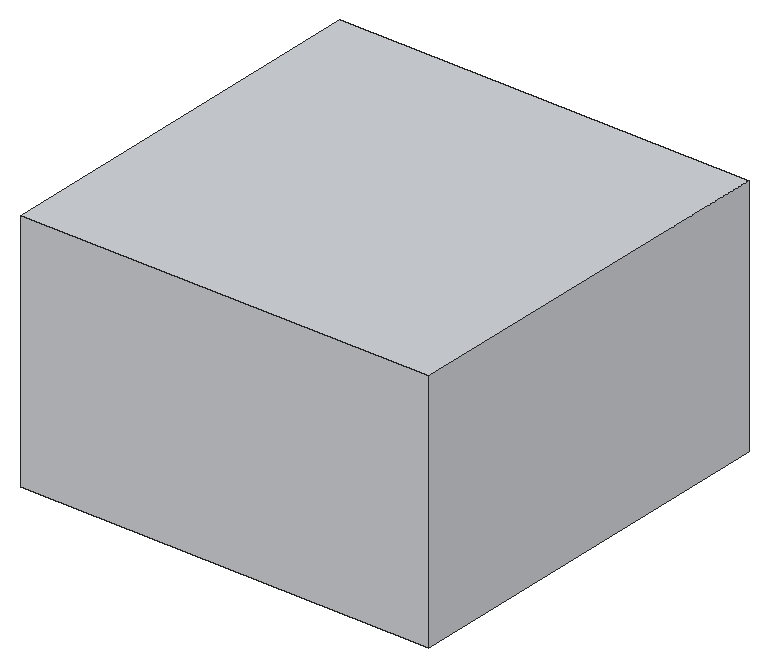
Revit family "PRE060001-FR", category Appareils sanitaires, Revit 2017
Family settings
  Cote de connecteur circulaire = Utiliser le diamètre
  Type d'élément = Normal
  Basée sur le plan de construction = Non
  Toujours verticalement = Oui
  Couper avec des vides une fois chargée = Non
  Partagée = Non
  Point de calcul de pièce = Non
Parameters (values of type "71016 Presto Lavabo Mural Suspendu Evacuation invisible")
  Variantes = "71016"
  H1 = 180 mm
  L1 = 210 mm
  Garantie = "2"
  URL Fabricant = "http://www.prestodatashare.com/centretelechargement/index.php?lang=FR&refs=71016"
  URL = "http://www.prestodatashare.com/centretelechargement/index.php?lang=FR&refs=71016"
  Lien notice d'utilisation = "http://www.prestodatashare.com/centretelechargement/support.php?lang=FR&ref=71016"
  Lien fiche produit = "http://www.prestodatashare.com/espacedoc/Fiches_Techniques/FR/71016.pdf"
  Reference = "71016"
  Pression = ""
  Polantis code = "PRE060001"
  Perte de charge = 0.0 Pa
  Profondeur = 410 mm
  Modèle = "71016 Presto Lavabo Mural Suspendu Evacuation invisible"
  Matériau = Inox
  Lien CCTP = "http://www.prestodatashare.com/centretelechargement/index.php?lang=FR&refs=71016"
  Largeur = 420 mm
  Hauteur = 250 mm
  Fonction = "Descriptif:\n- Lavabo Mural Suspendu Anti vandalisme\n- Fixation invisible\n- Vidage perforé non amovible\n- Trappe de maintenance sous le lavabo\n- Utilisable par un utilisateur en fauteuil roulant\n\nMatériaux:\n- Inox AISI 304 (ISO Z7 CN 18.09)\n- Épaisseur 1 et 1,5 mm\n- Finition Brossée\n\nDimensions:\n- Largeur 420mm\n- Profondeur 410mm\n- Hauteur 250mm\n- Cuve Ø 320mm de diamètre et 145mm de profondeur\n- Poids 5,2 kg\n\nLivré avec:\n- Siphon et grille de vidage G1\"1/4 - Diamètre 40mm\n\nCertification:\n- Marquage CE\n- Conforme à la norme EN 14688 - CL 00"
  Flux Sortie = 0.1 L/s
  Finition = "Inox AISI 304 (ISO Z7 CN 18.09)"
  Fabricant = "LES ROBINETS PRESTO S.A."
  Diamètre Nominal Sortie = 40 mm
  Description = "Lavabo Mural Suspendu Anti vandalisme 420x410mm\nPartie basse fermée avec trappe d'accès et vis sécurités\nCuve Ø 320mm.\nFixation invisible, vidage perforé non amovible, siphon et grille de vidage G1\"1/4. Utilisable par un utilisateur en fauteuil roulant.\nInox 304, Épaisseur 1/1,5mm, Finition Brossée\nMarquage CE selon NF EN 14688"
  Debit = ""
  Raccordement = ""
  Adresse = "7, RUE RACINE - 92542 MONTROUGE CEDEX FRANCE"
Reference planes
  plane 1 "Centre (avant/arrière)": y = 0
  plane 2: z = 0
  plane 3 "Centre (gauche/droite)": x = 0
  plane 4: y = -410
  plane 5: x = 420
  plane 6: z = 250
  plane 7: x = 210
  plane 8: x = 210
  plane 9: z = 70
Forms (mm)
  Extrusion 1, solid
    sketch origin (0, 0, 0) x (1, 0, 0) y (0, 1, 0)
      loop
        line (0, 0) -> (0, -410) -> (420, -410) -> (420, 0) -> (0, 0)
    from 0 to 250
  Extrusion 2, solid
    sketch origin (0, 0, 0) x (1, 0, 0) y (0, 0, 1)
      loop
        circle (210, 70) r 20
    from 0 to 410
Cuts and joins
  joined: Extrusion 1, Extrusion 2
Dimensions and locks
  "Profondeur": plane 1 "Centre (avant/arrière)" to plane 4
  "Largeur": plane 3 "Centre (gauche/droite)" to plane 5
  "Hauteur": plane 6 to level
  equal spacing: plane 3 "Centre (gauche/droite)", plane 7, plane 5
  "L1": plane 8 to plane 5
  "H1": plane 6 to plane 9
  "Diamètre Nominal Sortie": diameter of Extrusion 2 sketch curve
  aligned and locked: level to plane 2
  aligned and locked: plane 1 "Centre (avant/arrière)" to Extrusion 1 sketch curve
  aligned and locked: plane 3 "Centre (gauche/droite)" to Extrusion 1 sketch curve
  aligned and locked: plane 4 to Extrusion 1 sketch curve
  aligned and locked: plane 5 to Extrusion 1 sketch curve
  aligned and locked: plane 6 to Extrusion 1
  aligned and locked: Extrusion 2 to plane 4
  aligned and locked: Extrusion 2 to plane 1 "Centre (avant/arrière)"
Automatic sketch dimensions
  plane 7 to Extrusion 2 sketch curve = 0 mm
  Extrusion 2 sketch curve to plane 9 = 0 mm
Connectors
  piping at (210, 0, 70), diameter 40, driven by "Diamètre Nominal Sortie", driven by "Flux Sortie", driven by "Perte de charge"
    settings: on Extrusion 2, index 1, connector inside diameter 609.6 mm, connector length 0 mm, flow factor 0, pipe flow 0.1 L/s, pressure drop 0.0 Pa, fitting loss kfactor 0, connector angle 0.00°, fixture units 0, engagement length 0 mm, angle of deflection 0.00°, flow configuration 0, flow direction 2, fitting loss method 4, system type 16, joint type 0, gender type 0, connector reference index -1, connector utility 0, adjustable connector no, is connector primary yes, connector description ""
